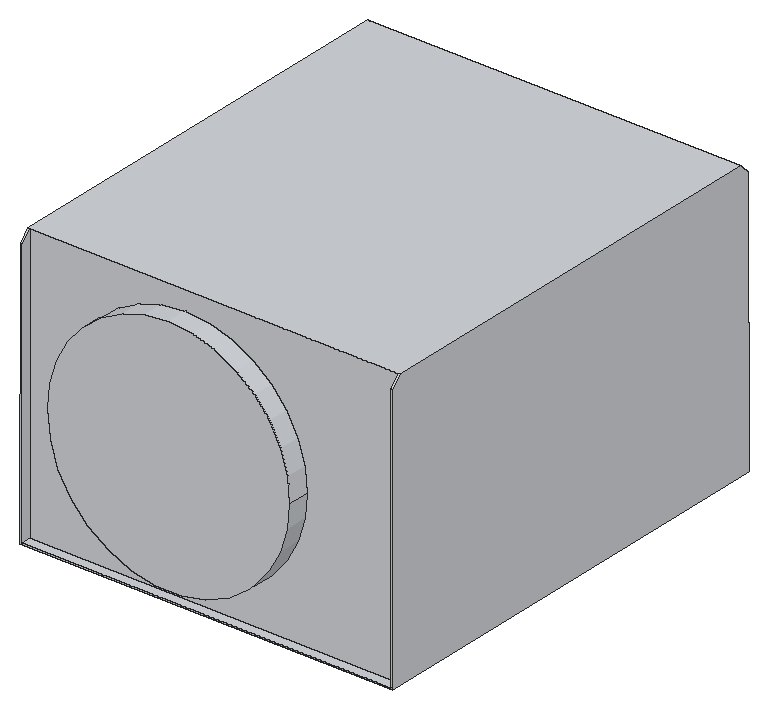
Revit family "CADS_Vent-Axia_MechEquip_Fan_QP_QuietPackAcoustic - SUPPLY", category Mechanical Equipment, host Face, Revit 2020
Family settings
  Host = Face
  Round Connector Dimension = Use Diameter
  Classification = None
  Part Type = Normal
  OmniClass Number = 23.75.35.17.11
  OmniClass Title = Fans for Air Ductwork
  Cut with Voids When Loaded = No
  Shared = No
  Room Calculation Point = No
Parameters (values of type "QP500C")
  WorkingPressure = 0.0 Pa
  WarrantyStartDate [instance] = "1900-12-31T23:59:59"
  WarrantyPeriod = ""
  WarrantyIdentifier = "N/A"
  WarrantyGuarantorParts = "tech@vent-axia.com"
  WarrantyGuarantorLabor = "tech@vent-axia.com"
  WarrantyGuarantor = "Vent-Axia Limited"
  WarrantyEndDate [instance] = "1900-12-31T23:59:59"
  WarrantyContent = ""
  W = 0 mm
  Type Image = CADS_Vent-Axia_MechEquip_Fan_QP_QuietPackAcoustic.jpg
  TemperatureRange = ""
  TagNumber [instance] = "N/A"
  SustainabilityPerformance = ""
  Status = "New"
  SpigotLength = (OverallLength - NominalLength) / 2  # 44 mm
  SpigotCLHeight = 286 mm
  Size = ""
  Shape = ""
  ServiceLifeType = ""
  ServiceLifeDuration = ""
  SerialNumber [instance] = "N/A"
  ReplacementCost = ""
  RatedVoltage = 0 V
  RatedCurrent = 0 A
  Quantity = 1
  ProductionYear = ""
  PressureCurve = ""
  PowerFactor = ""
  PointOfContact = ""
  OverallLength = 1006 mm
  OutOffset = 326 mm
  NumberOfPoles = 0
  NominalWidth = 769 mm
  NominalLength = 918 mm
  NominalHeight = 575 mm
  NominalFrequencyRange = ""
  NominalDiameter = 500 mm
  ModelReference = "ACOUSTIC BOX FAN, 500 DIA SPIGOTS"
  ModelNumber = "QP500C"
  Material = ""
  ManufacturerE-Mail = "tech@vent-axia.com"
  ManufacturerAddress = "Fleming Way\nCrawley \nRH10 9YX"
  L = NominalLength - 40 mm  # 878 mm
  IsExtendedWarranty = no
  InsulationStandardClass = ""
  InstallationDate [instance] = "1900-12-31T23:59:59"
  IfcExportType [instance] = ""
  IfcExportAs [instance] = "IfcFanType"
  IP_Code = ""
  HasProtectiveEarth = no
  H = 0 mm
  GrossWeight = 0.00 kg
  Grade = ""
  GlobalTradeItemNumber [instance] = "N/A"
  Fitting Type = "Ignore"
  Finish = ""
  Features = ""
  ExteriorInsulation = no
  ExpectedServiceLife = 0
  Exclusions = ""
  EBVoffset = 55 mm
  EBHoffset = 110 mm
  DurationUnit = "Year"
  Default Elevation = 1219.2 mm
  Constituents = ""
  ConductorFunction = ""
  Color = ""
  CodePerformance = ""
  Category = ""
  CADS_Usage = 0
  CADS_Index = 0
  AssetType = "FIXED"
  AssetIdentifier [instance] = "N/A"
  AssemblyPlace = "UNKNOWN"
  ArticleNumber [instance] = "N/A"
  AirflowRateRange = 0.0 L/s
  Air Flow [instance] = 0.0 L/s
  AccessibilityPerformance = ""
Types (9, lengths in mm): name | Type Image | SpigotLength | SpigotCLHeight | OverallLength | OutOffset | NominalWidth | NominalLength | NominalHeight | NominalDiameter | ModelReference | ModelNumber | L
  QP100C | <None> | 30 | 94 | 460 | 111 | 310 | 400 | 190 | 100 | "ACOUSTIC BOX FAN, 100 DIA SPIGOTS" | "QP100C" | 360
  QP125C | <None> | 30 | 94 | 460 | 111 | 310 | 400 | 190 | 125 | "ACOUSTIC BOX FAN, 125 DIA SPIGOTS" | "QP125C" | 360
  QP150C | <None> | 30 | 94 | 460 | 111 | 310 | 400 | 190 | 150 | "ACOUSTIC BOX FAN, 150 DIA SPIGOTS" | "QP150C" | 360
  QP160C | <None> | 30 | 94 | 460 | 111 | 310 | 400 | 190 | 160 | "ACOUSTIC BOX FAN, 160 DIA SPIGOTS" | "QP160C" | 360
  QP200C | <None> | 30 | 141 | 515 | 127 | 364 | 455 | 285 | 200 | "ACOUSTIC BOX FAN, 200 DIA SPIGOTS" | "QP200C" | 415
  QP250C | <None> | 30 | 141 | 515 | 127 | 364 | 455 | 285 | 250 | "ACOUSTIC BOX FAN, 250 DIA SPIGOTS" | "QP250C" | 415
  QP315C | <None> | 31 | 227 | 792 | 243 | 572 | 730 | 456 | 315 | "ACOUSTIC BOX FAN,315 DIA SPIGOTS" | "QP315C" | 690
  QP400C | <None> | 31 | 227 | 792 | 243 | 572 | 730 | 456 | 400 | "ACOUSTIC BOX FAN, 400 DIA SPIGOTS" | "QP400C" | 690
  QP500C | CADS_Vent-Axia_MechEquip_Fan_QP_QuietPackAcoustic.jpg | 44 | 286 | 1006 | 326 | 769 | 918 | 575 | 500 | "ACOUSTIC BOX FAN, 500 DIA SPIGOTS" | "QP500C" | 878
Reference planes
  plane 1 "Center (Front/Back)": y = 0
  plane 2: z = 0
  plane 3 "Center (Left/Right)": x = 0
  plane 4 "Left Face": x = -384.5
  plane 5 "out face": y = -439
  plane 6 "right face": x = 384.5
  plane 7 "in face": y = 439
  plane 8: x = -58.5
  plane 9: z = 286
  plane 10 "top face": z = 575
  plane 11: y = -459
  plane 12: y = 459
  plane 13: x = 404.5
  plane 14: y = 438.348
  plane 15: y = -438.2
Forms (mm)
  Extrusion 1, solid
    sketch origin (0, 0, 0) x (1, 0, 0) y (0, 1, 0)
      loop
        line (-384.5, 439) -> (-384.5, -439) -> (384.5, -439) -> (384.5, 439) -> (-384.5, 439)
    from 0 to 575 <- "NominalHeight"
  Extrusion 2, solid
    sketch origin (-22.5, -439, -5) x (1, 0, 0) y (0, 0, 1)
      loop
        circle (-36, 291) r 250
    from 0 to 44 <- "SpigotLength"
  Extrusion 3, solid
    sketch origin (0, 439, 0) x (1, 0, 0) y (0, 0, -1)
      loop
        circle (0, -286) r 250
    from 0 to 44 <- "SpigotLength"
  Sweep 4, solid
    path origin (0, -439, 0) x (1, 0, 0) y (0, 0, 1)
      loop
        line (-384.5, 575) -> (-384.5, 0) -> (384.5, 0) -> (384.5, 575)
    profile origin (-384.5, -439, 287.5) x (0, -1, 0) y (1, 0, 0)
      loop
        line (0, 0) -> (20, 0) -> (20, 3) -> (0, 3) -> (0, 0)
  Sweep 5, solid
    path origin (0, 439, 0) x (1, 0, 0) y (0, 0, 1)
      loop
        line (384.5, 575) -> (384.5, 0) -> (-384.5, 0) -> (-384.5, 575)
    profile origin (384.5, 439, 287.5) x (0, 1, 0) y (-1, 0, 0)
      loop
        line (20, 3) -> (0, 3) -> (0, 0) -> (20, 0) -> (20, 3)
  Sweep 6, void
    path origin (0, 0, 575) x (1, 0, 0) y (0, 1, 0)
      loop
        line (-384.5, -459) -> (404.5, -459) -> (404.5, 459) -> (-384.5, 459)
    profile origin (10, -459, 575) x (0, 1, 0) y (0, 0, 1)
      loop
        line (20, 0) -> (0, 0) -> (0, -20) -> (20, 0)
Cuts and joins
  Sweep 6 cuts Extrusion 1
  Sweep 6 cuts Sweep 4
  Sweep 6 cuts Sweep 5
  joined: Extrusion 1, Sweep 4, Sweep 5
Lines and regions (mm)
  model lines
    curve 1: line (0, 0, 575) -> (0, 100, 575)
    curve 2: line (0, 0, 575) -> (-7.765, 28.978, 575)
    curve 3: line (0, 0, 575) -> (7.765, 28.978, 575)
  model lines, not visible
    curve 4: line (0, 0, 575) -> (0, 100, 575)
    curve 5: line (0, 0, 575) -> (-7.765, 28.978, 575)
    curve 6: line (0, 0, 575) -> (7.765, 28.978, 575)
Dimensions and locks
  "NominalWidth": plane 4 "Left Face" to plane 6 "right face"
  equal spacing: plane 4 "Left Face", plane 3 "Center (Left/Right)", plane 6 "right face"
  "L": plane 5 "out face" to plane 7 "in face"
  equal spacing: plane 5 "out face", plane 1 "Center (Front/Back)", plane 7 "in face"
  "OutOffset": plane 4 "Left Face" to plane 8
  "SpigotCLHeight": plane 9 to plane 2
  locked: Extrusion 2 sketch curve to plane 8
  Extrusion 3 sketch curve to plane 9 = 0 mm
  locked: Extrusion 2 sketch curve to plane 9
  "NominalHeight": level to plane 10 "top face"
  plane 5 "out face" to plane 11 = 20 mm
  plane 7 "in face" to plane 12 = 20 mm
  plane 6 "right face" to plane 13 = 20 mm
  plane 3 "Center (Left/Right)" to Extrusion 3 sketch curve = 0 mm
  "NominalDiameter": diameter of Extrusion 2 sketch curve
  "NominalDiameter": diameter of Extrusion 3 sketch curve
  aligned and locked: plane 2 to host face
  aligned and locked: level to host face
  aligned and locked: Sweep 4 sketch curve to plane 6 "right face"
  aligned and locked: Sweep 4 sketch curve to plane 4 "Left Face"
  aligned and locked: Sweep 6 sketch curve to plane 12
  aligned and locked: Sweep 6 sketch curve to plane 13
  aligned and locked: profile plane to Sweep 4 sketch curve
  aligned and locked: plane 11 to Sweep 4 sketch curve
  aligned and locked: plane 3 "Center (Left/Right)" to curve 1
  aligned and locked: plane 1 "Center (Front/Back)" to curve 3
Automatic sketch dimensions
  host sketch curve to host sketch curve = 2438.4 mm  (x2)
  Extrusion 1 sketch curve to plane 4 "Left Face" = 0 mm
  Extrusion 1 sketch curve to plane 5 "out face" = 0 mm
  Extrusion 1 sketch curve to plane 6 "right face" = 0 mm
  plane 7 "in face" to Extrusion 1 sketch curve = 0 mm
  profile plane to Sweep 4 sketch curve = 0 mm
  Sweep 4 sketch curve to profile plane = 3 mm
  Sweep 5 sketch curve to profile plane = 3 mm
  plane 7 "in face" to Sweep 5 sketch curve = 20 mm
  profile plane to Sweep 5 sketch curve = 0 mm
  Sweep 5 sketch curve to Sweep 5 sketch curve = 20 mm
  Sweep 6 sketch curve to plane 4 "Left Face" = 0 mm  (x2)
  Sweep 6 sketch curve to plane 11 = 0 mm
  Sweep 6 sketch curve to plane 10 "top face" = 0 mm
  Sweep 6 sketch curve to profile plane = 0 mm
  Sweep 6 sketch curve to Sweep 6 sketch curve = 20 mm  (x2)
  Sweep 4 sketch curve to level = 0 mm
  Sweep 4 sketch curve to plane 10 "top face" = 0 mm  (x2)
  Sweep 5 sketch curve to level = 0 mm
  Sweep 5 sketch curve to plane 4 "Left Face" = 0 mm
  plane 6 "right face" to Sweep 5 sketch curve = 0 mm
  Sweep 5 sketch curve to plane 10 "top face" = 0 mm  (x2)
Connectors
  hvac at (-58.5, -483, 286), driven by "NominalDiameter", driven by "Air Flow"
    settings: on Extrusion 2, index 1, duct flow 0.0 L/s, flow factor 0, pres drop 0.0 Pa, loss coef 0, conn angle 0.00°, conn width 304.8 mm, conn height 304.8 mm, conn diameter 500 mm, duct sys type 1, conn prof type 0, flow config 0, flow direction 2, loss method 0, conn ref index -1, conn util no, is conn primary yes, conn desc ""
  hvac at (0, 483, 286), driven by "NominalDiameter", driven by "Air Flow"
    settings: on Extrusion 3, index 2, duct flow 0.0 L/s, flow factor 0, pres drop 0.0 Pa, loss coef 0, conn angle 0.00°, conn width 304.8 mm, conn height 304.8 mm, conn diameter 500 mm, duct sys type 1, conn prof type 0, flow config 1, flow direction 1, loss method 0, conn ref index -1, conn util no, is conn primary no, conn desc ""
